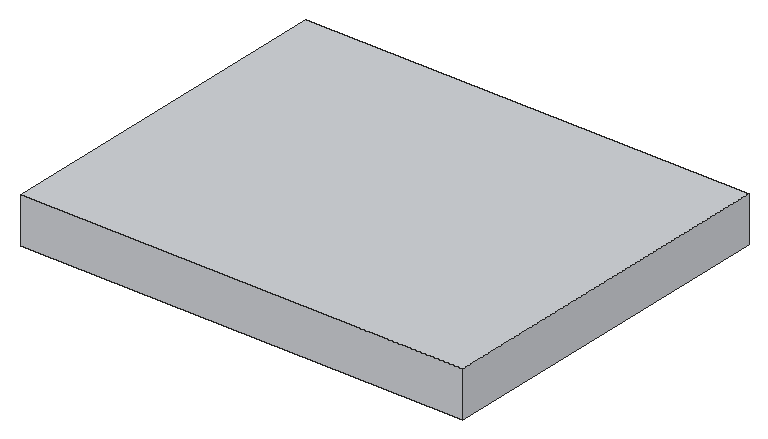
Revit family "M_Ethernet Switch", category Electrical Equipment, Revit 2023
Family settings
  Round Connector Dimension = Use Diameter
  Part Type = Other Panel
  OmniClass Number = 23.85.50.17.11.17
  OmniClass Title = Network Routers
  Work Plane-Based = No
  Always vertical = Yes
  Cut with Voids When Loaded = No
  Maintain Annotation Orientation = No
  Shared = No
  Room Calculation Point = No
Parameters (values of type "Standard")
  Width = 432.1 mm
  Height = 44.9 mm
  Depth = 349 mm
  Default Elevation = 0 mm
  built-in parameter 1140087 [instance] = element -7000011
Reference planes
  plane 1 "Center (Front/Back)": y = 0
  plane 2: z = 0
  plane 3 "Center (Left/Right)": x = 0
  plane 4: z = 44.9
Forms (mm)
  Extrusion 1, solid
    sketch origin (0, 0, 0) x (1, 0, 0) y (0, 1, 0)
      loop
        line (-216.05, 174.5) -> (-216.05, -174.5) -> (216.05, -174.5) -> (216.05, 174.5) -> (-216.05, 174.5)
    from 0 to 44.9
Dimensions and locks
  "Depth": Extrusion 1 sketch curve to Extrusion 1 sketch curve
  "Width": Extrusion 1 sketch curve to Extrusion 1 sketch curve
  equal spacing: Extrusion 1 sketch curve, plane 3 "Center (Left/Right)", Extrusion 1 sketch curve
  equal spacing: Extrusion 1 sketch curve, plane 1 "Center (Front/Back)", Extrusion 1 sketch curve
  "Height": plane 4 to plane 2
  aligned and locked: plane 4 to Extrusion 1
  aligned and locked: Extrusion 1 to plane 2
Connectors
  electrical at (0, 174.5, 22.45)
    settings: on Extrusion 1, index 1, voltage 0 V, apparent load 0 VA, apparent load phase1 0 VA, apparent load phase2 0 VA, apparent load phase3 0 VA, power factor 1, load classification "Other", number of poles 1, system type 5, power factor state 1, is connector primary yes, connector utility no, sub classification motor no, connector description ""
